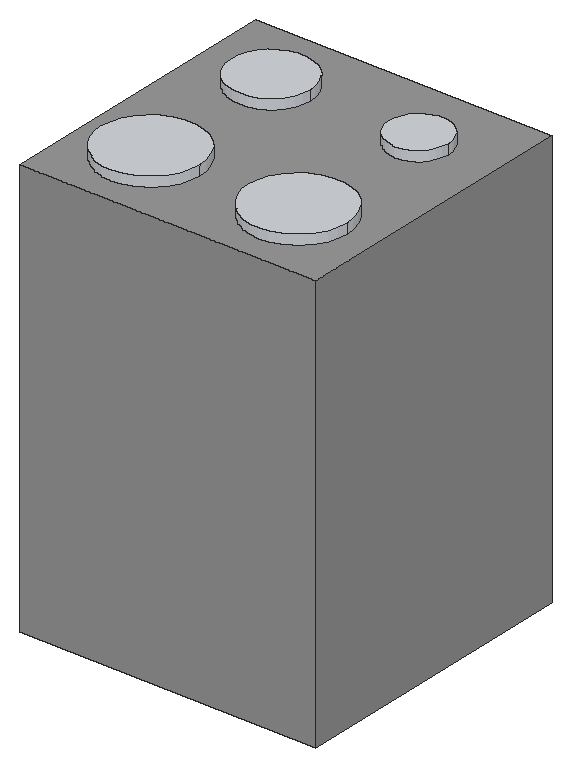
Revit family "АВЛН_Плита электрическая", category Мебель, Revit 2019
Family settings
  Номер OmniClass = 23.40.20.00
  Заголовок OmniClass = General Furniture and Specialties
  На основе рабочей плоскости = Нет
  Всегда вертикально = Да
  При загрузке вырезать с полостями = Нет
  Общий = Нет
  Точка расчета площади = Нет
Parameters (values of type "Плита электрическая бытовая")
  Описание = "Плита электрическая бытовая 4-хконфорочная, габ.\r\n600х600х850мм; Э1Ф; 7,8кВт"
  Type Comments = ""
  Keynote = ""
  Manufacturer = ""
  Группа модели = "Оборудование основных помещений школы"
  ADSK_Размер_Ширина = 600 mm
  ADSK_Размер_Длина = 600 mm
  ADSK_Размер_Высота = 850 mm
  ADSK_Обозначение = ""
  ADSK_Масса = 0
  ADSK_Код изделия = ""
  ADSK_Единица измерения = "шт"  # constant formula
Reference planes
  plane 1 "По центру (Вперед/Назад)": y = 0
  plane 2: z = 0
  plane 3 "По центру (Влево/Вправо)": x = 0
  plane 4: z = 850
  plane 5: y = 300
  plane 6: x = 300
  plane 7: x = -300
  plane 8: y = -300
Forms (mm)
  Extrusion 1, solid, material "Металл, окрашенный, белый, матовый"
    sketch origin (0, -518.993, 592.976) x (-1, 0, 0) y (0, -1, 0)
      loop
        line (-300, -818.993) -> (300, -818.993) -> (300, -218.993) -> (-300, -218.993) -> (-300, -818.993)
    from -592.976 to 257.024
  Extrusion 2, solid
    sketch origin (0, -518.993, 592.976) x (-1, 0, 0) y (0, -1, 0)
      loop
        circle (150, -668.993) r 80
      loop
        circle (-150, -668.993) r 60
      loop
        circle (-145.235, -368.993) r 100
      loop
        circle (154.765, -368.993) r 100
    from 257.024 to 277.024
Lines and regions (mm)
  symbolic lines
    curve 1: line (-269.765, 250, 592.976) -> (260.235, 250, 592.976)
    curve 2: line (260.235, 250, 592.976) -> (260.235, -265, 592.976)
    curve 3: line (260.235, -265, 592.976) -> (-269.765, -265, 592.976)
    curve 4: line (-269.765, -265, 592.976) -> (-269.765, 250, 592.976)
Dimensions and locks
  plane 2 to plane 4 = 850 mm
  equal spacing: plane 8, plane 1 "По центру (Вперед/Назад)", plane 5
  equal spacing: plane 7, plane 3 "По центру (Влево/Вправо)", plane 6
  "ADSK_Размер_Длина": plane 7 to plane 6
  "ADSK_Размер_Ширина": plane 5 to plane 8
  "ADSK_Размер_Высота": plane 2 to plane 4
  equal spacing: plane 7, Extrusion 2 sketch curve, plane 3 "По центру (Влево/Вправо)"  (x2)
  equal spacing: plane 3 "По центру (Влево/Вправо)", Extrusion 2 sketch curve, plane 6  (x2)
  equal spacing: plane 8, Extrusion 2 sketch curve, plane 1 "По центру (Вперед/Назад)"
  equal spacing: plane 1 "По центру (Вперед/Назад)", Extrusion 2 sketch curve, Extrusion 1
  equal spacing: plane 5, Extrusion 2 sketch curve, plane 1 "По центру (Вперед/Назад)"
  equal spacing: plane 1 "По центру (Вперед/Назад)", Extrusion 2 sketch curve, plane 8
  locked: plane 4 to Extrusion 2 at 20
  aligned and locked: level to plane 2
  aligned and locked: plane 5 to Extrusion 1 sketch curve
  aligned and locked: Extrusion 1 sketch curve to plane 8
  aligned and locked: Extrusion 1 sketch curve to plane 7
  aligned and locked: Extrusion 1 sketch curve to plane 6
  aligned and locked: Extrusion 1 to plane 4
  aligned and locked: Extrusion 1 to level
  aligned and locked: plane 4 to Extrusion 2
Automatic sketch dimensions
  plane 7 to Extrusion 2 sketch curve = 145.235 mm
  plane 3 "По центру (Влево/Вправо)" to Extrusion 2 sketch curve = 145.235 mm
  curve 1 to plane 6 = 39.765 mm
  curve 1 to plane 5 = 50 mm
  plane 8 to curve 3 = 35 mm
  plane 7 to curve 3 = 30.235 mm
  radius of Extrusion 2 sketch curve = 80 mm
  radius of Extrusion 2 sketch curve = 60 mm
  radius of Extrusion 2 sketch curve = 100 mm  (x2)
